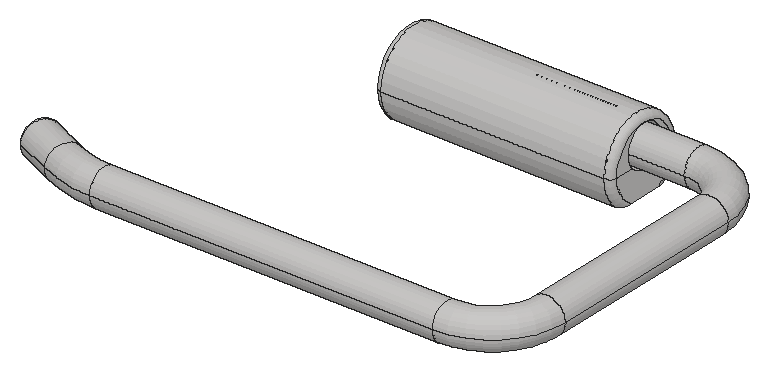
Revit family "Toilet_Roll_Holder-TSL-45-THESPLASHLAB-Single_Roll_Holder", category Specialty Equipment, host Face, Revit 2016
Family settings
  Host = Face
  Part Type = Normal
  Round Connector Dimension = Use Diameter
  OmniClass Number = 23.40.20.21.21
  OmniClass Title = Toilet Paper Dispensers
  Cut with Voids When Loaded = No
  Shared = No
  Room Calculation Point = No
Parameters (values of type "TSL-45_Steel")
  material test = none
  finish = Steel-Splashlab-Satin
  _distributed by = "www.thesplashlab.com"
  _current revision = 1
  _created by = CreatedBy  # "www.thesplashlab.com"
  _authorized by = ""
  _BIMspec_GUID = 0
  WarrantyStartDate [instance] = ""
  WarrantyGuarantorParts = ""
  WarrantyGuarantorLabor = ""
  WarrantyDurationUnit = "months"  # constant formula
  WarrantyDurationParts = "24"  # constant formula
  WarrantyDescription = "2 years from date of purchase"  # constant formula
  Version = ""
  Uniclass2 = "45-35-72/368"  # constant formula
  URL = "www.thesplashlab.com"
  TypeName = "TSL-45"  # constant formula
  Type Comments = "Satin Finish"
  TagNumber = ""
  Size = ""
  Shape = ""
  SerialNumber [instance] = ""
  ReplacementCost = ""
  ReferencedStandard = ""
  ProductionYear = ""
  Product Specification Link = "www.thesplashlab.com"
  Product Page Link = "www.thesplashlab.com"
  Product O&M Link = "www.thesplashlab.com"
  Product Documentation Link = "www.thesplashlab.com"
  NBSTypeID = ""
  NBSReference = Uniclass2  # "45-35-72/368"
  NBSObjectName = "Toilet_Roll_Holder-TSL-45-THESPLASHLAB-Single_Roll_Holder"  # constant formula
  NBSNote = ""
  NBS Specfication = ""
  Mtrl_distributed by = ""
  Mtrl_current revision = 0
  Mtrl_created by = ""
  Mtrl_bimspec_guid = 0
  Mtrl_authorized by = ""
  Mtrl_WarrantyStartDate = ""
  Mtrl_WarrantyGuarantorParts = ""
  Mtrl_WarrantyGuarantorLabor = ""
  Mtrl_WarrantyDurationUnit = ""
  Mtrl_WarrantyDurationParts = 0
  Mtrl_WarrantyDurationLabor = 0
  Mtrl_WarrantyDescription = ""
  Mtrl_Uniclass2 = ""
  Mtrl_TypeName = ""
  Mtrl_TagNumber = 0
  Mtrl_SpareParts = ""
  Mtrl_Size = ""
  Mtrl_Shape = ""
  Mtrl_SerialNumber = 0
  Mtrl_ReplacementCost = 0
  Mtrl_ReferencedStandard = ""
  Mtrl_ProductionYear = ""
  Mtrl_ModelNumber = ""
  Mtrl_Material = Material  # "Stainless Steel"
  Mtrl_Manufacturer = ""
  Mtrl_InstallationDate = ""
  Mtrl_Grade = Grade  # "304"
  Mtrl_Finish = Finish  # "Satin"
  Mtrl_Features = ""
  Mtrl_ExpectedLife = 0
  Mtrl_Exidentifier = ""
  Mtrl_DurationUnit = ""
  Mtrl_DocumentationTechnical = ""
  Mtrl_DocumentationMaintenance = ""
  Mtrl_DocumentationLiterature = ""
  Mtrl_DocumentationInstallationGuide = ""
  Mtrl_DocumentationCertificates = ""
  Mtrl_CreatedOn = ""
  Mtrl_CreatedBy = ""
  Mtrl_Constituents = ""
  Mtrl_Color = Color  # ""
  Mtrl_CodePerformance = ""
  Mtrl_ClassificationValue = ""
  Mtrl_ClassificationName = ""
  Mtrl_BarCode = ""
  Mtrl_AssetType = ""
  Mtrl_AssetIdentifier = ""
  Mtrl_AccessibilityPerformance = ""
  ModelNumber = ""
  Model = TypeName  # "TSL-45"
  Material = "Stainless Steel"  # constant formula
  Manufacturer Tel = "0161 482 7000"  # constant formula
  Manufacturer Fax = ""
  Manufacturer Address = ""
  Manufacturer = "The Splash Lab"  # constant formula
  Keynote = "N13/340"
  InstallationDate [instance] = ""
  Grade = "304"  # constant formula
  Finish = "Satin"
  Features = ""
  Extidentifier = ""
  ExpectedLife = 2  # constant formula
  DurationUnit = "Years"  # constant formula
  DocumentationTechnical = "www.thesplashlab.com"
  DocumentationMaintenance = "www.thesplashlab.com"
  DocumentationLiterature = "www.thesplashlab.com"
  DocumentationInstallationGuide = "www.thesplashlab.com"
  DocumentationCertificates = ""
  Description = "The TSL-45 is a single toilet roll holder with a concealed fixing, constructed from stainless steel.\r\n"  # constant formula
  Default Elevation = 900 mm
  CreatedOn = "Jul-2017"  # constant formula
  CreatedBy = "www.thesplashlab.com"  # constant formula
  Constituents = ""
  Color = ""
  CodePerformance = ""
  ClassificationValue = ""
  ClassificationName = ""
  BarCode [instance] = ""
  AssetType = "fixed"  # constant formula
  AssetIdentifier [instance] = ""
  Assembly Code = "E1010900"
  AccessibilityPerformance = ""
Types (6, lengths in mm): name | finish | Type Comments | Mtrl_Finish | Finish
  (no name) | Steel-Splashlab-Satin | "Satin Finish" | "Satin" | "Satin"
  TSL-45_Steel | Steel-Splashlab-Satin | "Satin Finish" | "Satin" | "Satin"
  TSL-45_Copper | Copper-Splashlab | "Copper Finish" | "Copper" | "Copper"
  TSL-45_Brass | Brass-Splashlab | "Brass Finish" | "Brass" | "Brass"
  TSL-45_Bronze | Bronze-Splashlab | "Bronze Finish" | "Bronze" | "Bronze"
  TSL-45_Black | Black-Splashlab | "Black Finish" | "Black" | "Black"
Reference planes
  plane 1 "Center (Front/Back)": y = 0
  plane 2: z = 0
  plane 3 "Center (Left/Right)": x = 0
  plane 4: z = 0
  plane 5: x = -94.5
  plane 6: x = 88
  plane 7: x = 75
  plane 8: x = 41.998
  plane 9: y = 15
  plane 10: y = -15
  plane 11: x = -43.002
Dimensions and locks
  plane 7 to plane 6 = 13 mm
  plane 10 to plane 9 = 30 mm
  plane 5 to plane 6 = 182.5 mm
  plane 11 to plane 8 = 85 mm
  plane 11 to plane 6 = 131.002 mm
  aligned and locked: plane 2 to host face
  aligned and locked: level to host face
  aligned and locked: nested 1 to plane 1 "Center (Front/Back)"
  aligned and locked: plane 3 "Center (Left/Right)" to nested 1
  aligned and locked: plane 4 to level
Nested families
  nested 1: "Toilet_Roll_Holder-THESPLASHLAB-Single_Roll_Holder" at (0, 0, 0) x (-1, 0, 0) z (0, 0, 1), type "L-45"
    with WarrantyStartDate "", SerialNumber "", InstallationDate "", BarCode "", AssetIdentifier ""
Definition of nested family "Toilet_Roll_Holder-THESPLASHLAB-Single_Roll_Holder"
  Parameters (values of type "L-45")
    material test = none
    finish = none
    _distributed by = "www.thesplashlab.com"
    _current revision = 1
    _created by = CreatedBy  # "www.thesplashlab.com"
    _authorized by = ""
    _BIMspec_GUID = 0
    WarrantyStartDate [instance] = ""
    WarrantyGuarantorParts = ""
    WarrantyGuarantorLabor = ""
    WarrantyDurationUnit = "months"  # constant formula
    WarrantyDurationParts = "24"  # constant formula
    WarrantyDescription = "2 years from date of purchase"  # constant formula
    Version = ""
    Uniclass2 = "45-35-72/368"  # constant formula
    URL = "www.thesplashlab.com"
    TypeName = "L-45"  # constant formula
    Type Comments = "Satin Finish"
    TagNumber = ""
    Size = ""
    Shape = ""
    SerialNumber [instance] = ""
    ReplacementCost = ""
    ReferencedStandard = ""
    ProductionYear = ""
    Product Specification Link = "www.thesplashlab.com"
    Product Page Link = "www.thesplashlab.com"
    Product O&M Link = "www.thesplashlab.com"
    Product Documentation Link = "www.thesplashlab.com"
    NBSTypeID = ""
    NBSReference = Uniclass2  # "45-35-72/368"
    NBSObjectName = "TheSplashLab L-45"  # constant formula
    NBSNote = ""
    NBS Specfication = ""
    Mtrl_distributed by = ""
    Mtrl_current revision = 0
    Mtrl_created by = ""
    Mtrl_bimspec_guid = 0
    Mtrl_authorized by = ""
    Mtrl_WarrantyStartDate = ""
    Mtrl_WarrantyGuarantorParts = ""
    Mtrl_WarrantyGuarantorLabor = ""
    Mtrl_WarrantyDurationUnit = ""
    Mtrl_WarrantyDurationParts = 0
    Mtrl_WarrantyDurationLabor = 0
    Mtrl_WarrantyDescription = ""
    Mtrl_Uniclass2 = ""
    Mtrl_TypeName = ""
    Mtrl_TagNumber = 0
    Mtrl_SpareParts = ""
    Mtrl_Size = ""
    Mtrl_Shape = ""
    Mtrl_SerialNumber = 0
    Mtrl_ReplacementCost = 0
    Mtrl_ReferencedStandard = ""
    Mtrl_ProductionYear = ""
    Mtrl_ModelNumber = ""
    Mtrl_Material = Material  # "Stainless Steel"
    Mtrl_Manufacturer = ""
    Mtrl_InstallationDate = ""
    Mtrl_Grade = Grade  # "304"
    Mtrl_Finish = Finish  # "Satin"
    Mtrl_Features = ""
    Mtrl_ExpectedLife = 0
    Mtrl_Exidentifier = ""
    Mtrl_DurationUnit = ""
    Mtrl_DocumentationTechnical = ""
    Mtrl_DocumentationMaintenance = ""
    Mtrl_DocumentationLiterature = ""
    Mtrl_DocumentationInstallationGuide = ""
    Mtrl_DocumentationCertificates = ""
    Mtrl_CreatedOn = ""
    Mtrl_CreatedBy = ""
    Mtrl_Constituents = ""
    Mtrl_Color = Color  # ""
    Mtrl_CodePerformance = ""
    Mtrl_ClassificationValue = ""
    Mtrl_ClassificationName = ""
    Mtrl_BarCode = ""
    Mtrl_AssetType = ""
    Mtrl_AssetIdentifier = ""
    Mtrl_AccessibilityPerformance = ""
    ModelNumber = ""
    Model = "TSL-45"
    Material = "Stainless Steel"  # constant formula
    Manufacturer Tel = "0161 482 7000"  # constant formula
    Manufacturer Fax = ""
    Manufacturer Address = ""
    Manufacturer = "The Splash Lab"  # constant formula
    Keynote = "N13/340"
    InstallationDate [instance] = ""
    Grade = "304"  # constant formula
    Finish = "Satin"
    Features = ""
    Extidentifier = ""
    ExpectedLife = 2  # constant formula
    DurationUnit = "Years"  # constant formula
    DocumentationTechnical = "www.thesplashlab.com"
    DocumentationMaintenance = "www.thesplashlab.com"
    DocumentationLiterature = "www.thesplashlab.com"
    DocumentationInstallationGuide = "www.thesplashlab.com"
    DocumentationCertificates = ""
    Description = "The L-45 is a single toilet roll holder with a concealed fixing, constructed from stainless steel."  # constant formula
    Default Elevation = 900 mm
    CreatedOn = "Jul-2017"  # constant formula
    CreatedBy = "www.thesplashlab.com"  # constant formula
    Constituents = ""
    Color = ""
    CodePerformance = ""
    ClassificationValue = ""
    ClassificationName = ""
    BarCode [instance] = ""
    AssetType = "fixed"  # constant formula
    AssetIdentifier [instance] = ""
    Assembly Code = "E1010900"
    AccessibilityPerformance = ""
  Reference planes
    plane 1 "Center (Front/Back)": y = 0
    plane 2: z = 0
    plane 3 "Center (Left/Right)": x = 0
    plane 4: z = 11
    plane 5: z = 16
    plane 6: z = 26
    plane 7: x = -87.998
    plane 8: x = 95.002
    plane 9: x = -41.904
  Forms (mm)
    Extrusion 1, solid
      sketch origin (-266.8, -230.5, 0) x (1, 0, 0) y (0, 1, 0)
        loop
          line (-1219.2, 1040) -> (-1219.2, 522.508) -> (1219.2, 522.508) -> (1219.2, 1040) -> (-1219.2, 1040)
      from 0 to -304.8
    Revolve 2, solid, material <- "finish"
      sketch origin (0, 0, 11) x (-1, 0, 0) y (0, -1, 0)
        loop
          line (41.998, 0) -> (-43.002, 0) -> (-43.002, -12.5)
          arc (-43.002, -12.5) -> (-42.27, -14.268) -> (-40.502, -15) r 2.5
          line (-40.502, -15) -> (39.498, -15)
          arc (39.498, -15) -> (41.265, -14.268) -> (41.998, -12.5) r 2.5
          line (41.998, -12.5) -> (41.998, 0)
        axis (-43.002, 0) -> (41.998, 0)
      angle from 0 to 360
    Extrusion 3, void
      sketch origin (-68, -51.084, 1219.2) x (0, 1, 0) y (0, 0, 1)
        loop
          circle (51.084, -1203.2) r 7.5
      from -13.5 to 68
    Sweep 4, solid, material <- "finish"
      path in 3D
        loop
          line (0, 0, 16) -> (-61.5, 0, 16)
          arc (-61.5, 0, 16) -> (-75.642, -5.858, 16) -> (-81.5, -20, 16) r 20
          line (-81.5, -20, 16) -> (-81.5, -93, 16)
          arc (-81.5, -93, 16) -> (-75.642, -107.142, 16) -> (-61.5, -113, 16) r 20
          line (-61.5, -113, 16) -> (61.632, -113, 16)
          arc (61.632, -113, 16) -> (70.29, -112.052, 16) -> (78.537, -109.252, 16) r 40
          line (78.537, -109.252, 16) -> (93.158, -102.435, 16)
      profile origin (-30.75, 0, 16) x (0, -1, 0) y (0, 0, 1)
        loop
          circle (0, 0) r 6.5
    Sweep 5, void
      path in 3D
        loop
          arc (90.411, -96.544, 16) -> (93.158, -102.435, 9.5) -> (95.905, -108.326, 16) r 6.5
          arc (95.905, -108.326, 16) -> (93.158, -102.435, 22.5) -> (90.411, -96.544, 16) r 6.5
      profile origin (93.158, -102.435, 22.5) x (0, 0, 1) y (0.906308, 0.422618, 0)
        loop
          line (0, 0) -> (-1, 0)
          arc (-1, 0) -> (-0.293, -0.293) -> (0, -1) r 1
          line (0, -1) -> (0, 0)
    Extrusion 6, void
      sketch origin (-68, -51.084, 1219.2) x (0, 1, 0) y (0, 0, 1)
        loop
          line (63.434, -1219.2) -> (38.434, -1219.2) -> (38.434, -1224.2) -> (63.434, -1224.2) -> (63.434, -1219.2)
      from 25.5 to 110.5
  Cuts and joins
    Extrusion 3, Extrusion 6 cuts Revolve 2
    Sweep 5 cuts Sweep 4
  Lines and regions (mm)
    reference lines
      curve 1: line (0, 0, 16) -> (-61.5, 0, 16)
      curve 2: line (-81.5, -20, 16) -> (-81.5, -93, 16)
      curve 3: line (-61.5, -113, 16) -> (61.632, -113, 16)
      curve 4: arc (-61.5, 0, 16) -> (-75.642, -5.858, 16) -> (-81.5, -20, 16) r 20
      curve 5: arc (-81.5, -93, 16) -> (-75.642, -107.142, 16) -> (-61.5, -113, 16) r 20
      curve 6: line (78.537, -109.252, 16) -> (93.158, -102.435, 16)
      curve 7: arc (78.537, -109.252, 16) -> (70.29, -112.052, 16) -> (61.632, -113, 16) r 40
    sketch lines
      curve 8: line (0, 0, 16) -> (-61.5, 0, 16)
      curve 9: arc (-61.5, 0, 16) -> (-75.642, -5.858, 16) -> (-81.5, -20, 16) r 20
      curve 10: line (-81.5, -20, 16) -> (-81.5, -93, 16)
      curve 11: arc (-81.5, -93, 16) -> (-75.642, -107.142, 16) -> (-61.5, -113, 16) r 20
      curve 12: line (-61.5, -113, 16) -> (61.632, -113, 16)
      curve 13: arc (78.537, -109.252, 16) -> (70.29, -112.052, 16) -> (61.632, -113, 16) r 40
      curve 14: line (78.537, -109.252, 16) -> (93.158, -102.435, 16)
      curve 15: arc (95.905, -108.326, 16) -> (93.158, -102.435, 22.5) -> (90.411, -96.544, 16) r 6.5
      curve 16: arc (90.411, -96.544, 16) -> (93.158, -102.435, 9.5) -> (95.905, -108.326, 16) r 6.5
  Dimensions and locks
    aligned and locked: plane 2 to Extrusion 1
    aligned and locked: level to Extrusion 1
    aligned and locked: Revolve 2 sketch curve to plane 1 "Center (Front/Back)"  (x2)
    aligned and locked: Extrusion 3 to curve 2
    aligned and locked: plane 3 "Center (Left/Right)" to Extrusion 3
